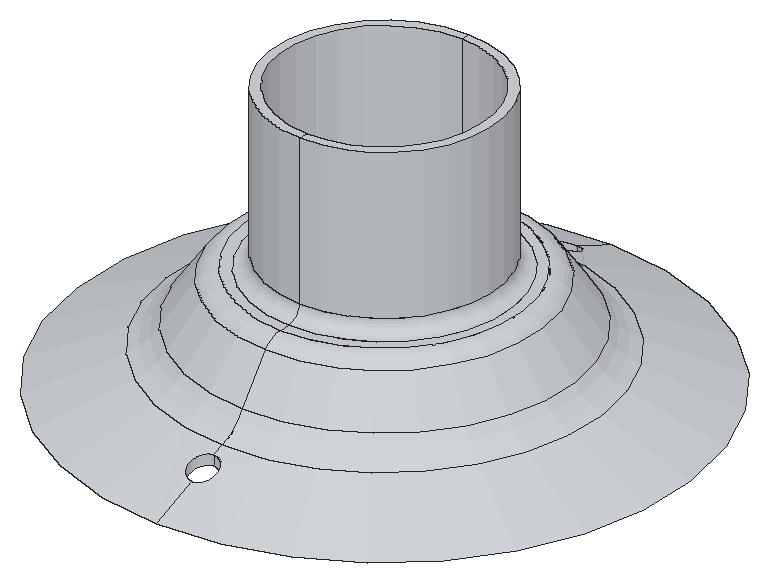
Revit family "DC1B", category Generic Models, Revit 2017
Family settings
  Can host rebar = No
  Round Connector Dimension = Use Diameter
  Part Type = Normal
  Work Plane-Based = Yes
  Always vertical = No
  Cut with Voids When Loaded = No
  Shared = No
  Room Calculation Point = No
Parameters (values of type "NBS Standard Parameters")
  Weight = "0.0598Kg"
  WarrantyStartDate [instance] = "1900-12-31T23:59:59"
  WarrantyGuarantorParts = "n/a"
  WarrantyGuarantorLabor = "n/a"
  WarrantyDurationUnit = "1 year"
  WarrantyDurationParts = "n/a"
  WarrantyDurationLabor = "n/a"
  WarrantyDescription = "n/a"
  Version = "1"
  Uniclass2 = "Pr_65_70_11_20"
  TagNumber [instance] = "n/a"
  SustainabilityPerformance = "n/a"
  Size = "20mm"
  Shape = "Circular"
  SerialNumber [instance] = "n/a"
  Revision = "n/a"
  ReplacementCost = "n/a"
  ProductInformation = "www.metpro.co.uk/pdf/dc1g.pdf"
  NominalWidth = 63 mm
  NominalLength = 63 mm
  NominalHeight = 29.5 mm
  Name = ""
  NBSTypeID = ""
  NBSReference = "90-55-10/460"
  NBSOfficeMasterTag = ""
  NBSNote = ""
  NBSDescription = "Conduit Fittings"
  NBSCertification = ""
  ModelReference = "DC1B"
  ModelNumber = "n/a"
  Material = "Pressed Steel"
  ManufacturerURL = "www.metpro.co.uk"
  ManufacturerName = "Metpro Ltd"
  Keynote = "Compliant to LU Standard 1-085"
  InstallationDate [instance] = "1900-12-31T23:59:59"
  IfcExportType = ""
  IfcExportAs = ""
  Grade = "n/a"
  Finish = "Black"
  Features = "n/a"
  ExpectedLife = "n/a"
  DurationUnit = "year"
  Description = "DC1B  20mm Dome Cover"
  Default Elevation = 1219.2 mm
  Constituents = "n/a"
  Color = "n/a"
  CodePerformance = "n/a"
  Category = "n/a"
  BarCode [instance] = "n/a"
  BIMObjectName = "Metpro_Metprolibrary_Conduitfittings_Metalcomponents_Steelaccessories"
  Author = "Metpro Limited"
  AssetType = ""
  AssetIdentifier [instance] = "n/a"
  AccessibilityPerformance = "n/a"
Reference planes
  plane 1 "Center (Front/Back)": y = 0
  plane 2: z = 0
  plane 3 "Center (Left/Right)": x = 0
Forms (mm)
  Revolve 1, solid
    sketch origin (-11.15, -7.188, 21.718) x (0, -1, 0) y (0, 0, -1)
      loop
        line (29.398, 11.449) -> (22.359, 8.528)
        arc (22.359, 8.528) -> (20.485, 7.418) -> (18.997, 5.828) r 7.713
        line (18.997, 5.828) -> (15.825, 1.298)
        arc (15.825, 1.298) -> (15.271, 0.813) -> (14.556, 0.638) r 1.549
        line (14.556, 0.638) -> (13.397, 0.638)
        arc (13.397, 0.638) -> (11.629, -0.095) -> (10.897, -1.862) r 2.5
        line (10.897, -1.862) -> (10.897, -18.551) -> (11.897, -18.551) -> (11.897, -1.862)
        arc (11.897, -1.862) -> (12.336, -0.802) -> (13.397, -0.362) r 1.5
        line (13.397, -0.362) -> (14.556, -0.362)
        arc (14.556, -0.362) -> (15.733, -0.074) -> (16.644, 0.725) r 2.549
        line (16.644, 0.725) -> (19.816, 5.255)
        arc (19.816, 5.255) -> (21.112, 6.638) -> (22.742, 7.605) r 6.713
        line (22.742, 7.605) -> (32.008, 11.449) -> (29.398, 11.449)
      axis (0, -18.551) -> (0, 11.449)
    angle from 0 to 360
  Extrusion 2, void
    sketch origin (-11.15, -7.188, 40.269) x (0, -1, 0) y (-1, 0, 0)
      loop
        circle (25.468, 0) r 1.543
      loop
        circle (-25.468, 0) r 1.543
    from 22.724 to 37.701
Cuts and joins
  Extrusion 2 cuts Revolve 1
Dimensions and locks
  aligned and locked: level to plane 2
